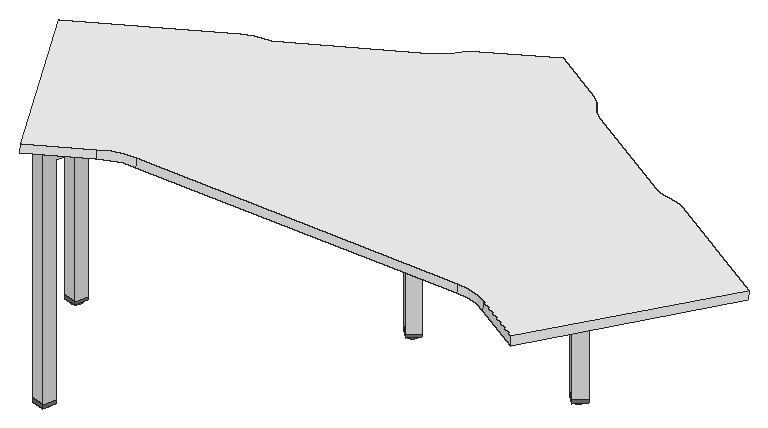
Revit family "Script Straight Leg 120 degree workstation 600 Deep Add on desk pack", category Furniture, Revit 2016
Family settings
  OmniClass Number = 23.40.20.00
  OmniClass Title = General Furniture and Specialties
  Work Plane-Based = No
  Always vertical = Yes
  Cut with Voids When Loaded = No
  Shared = No
  Room Calculation Point = No
Parameters
  URL = "www.gof.co.uk"
  Type Comments = ""
  Product Code = "XDYS126A"
  Desktop = Gresham - White MFC
  Model = ""
  Manufacturer = "Gresham Office Furniture"  # constant formula
  Frame = Gresham - Silver Metal
  Foot = Gresham - Black Plastic
  Assembly Code = "E2020200"
Reference planes
  plane 1 "Center (Front/Back)": y = 28.205
  plane 2: z = 0
  plane 3 "Center (Left/Right)": x = 0
  plane 4 "Desktop Underside": z = 702
  plane 5 "Foot": z = 15
  plane 6: y = 588.013
  plane 7: y = -531.603
  plane 8: x = -1039.23
  plane 9: x = 1039.23
Forms (mm)
  Extrusion 1, solid, material "Gresham - Silver Metal" <- "Frame"
    sketch origin (-300, 385.94, 702) x (0.707107, -0.707107, 0) y (0, 0, 1)
      loop
        line (444.264, -40) -> (444.264, 0) -> (50, 0) -> (50, -687) -> (90, -687) -> (90, -40) -> (444.264, -40)
    from -20 to 20
  Extrusion 2, solid, material "Gresham - Black Plastic" <- "Foot"
    sketch origin (0, -514.06, 15) x (0, -1, 0) y (1, 0, 0)
      loop
        line (-850.503, -278.787) -> (-822.218, -250.503) -> (-850.503, -222.218) -> (-878.787, -250.503) -> (-850.503, -278.787)
      loop
        line (-850.503, 278.787) -> (-878.787, 250.503) -> (-850.503, 222.218) -> (-822.218, 250.503) -> (-850.503, 278.787)
    from 0 to -10
  Extrusion 3, solid, material "Gresham - Black Plastic"
    sketch origin (0, -514.06, 0) x (0, 1, 0) y (-1, 0, 0)
      loop
        circle (850.503, 250.503) r 15
      loop
        circle (850.503, -250.503) r 15
    from 0 to 5
  Extrusion 4, solid, material "Gresham - Silver Metal" <- "Frame"
    sketch origin (300, 385.94, 702) x (-0.707107, -0.707107, 0) y (0, 0, 1)
      loop
        line (444.264, -40) -> (444.264, 0) -> (50, 0) -> (50, -687) -> (90, -687) -> (90, -40) -> (444.264, -40)
    from -20 to 20
  Extrusion 5, solid, material "Gresham - White MFC" <- "Desktop"
    sketch origin (-75914.205, -35054.404, 702) x (-1, 0, 0) y (0, -1, 0)
      loop
        line (-76087.41, -35542.417) -> (-75914.205, -35642.417) -> (-75741, -35542.417)
        arc (-75741, -35542.417) -> (-75718.866, -35525.981) -> (-75701.067, -35504.928) r 120
        arc (-75701.067, -35504.928) -> (-75683.269, -35483.875) -> (-75661.135, -35467.44) r 120
        line (-75661.135, -35467.44) -> (-75352.23, -35289.093)
        arc (-75352.23, -35289.093) -> (-75326.93, -35278.143) -> (-75299.798, -35273.255) r 120
        arc (-75299.798, -35273.255) -> (-75272.666, -35268.368) -> (-75247.365, -35257.417) r 120
        line (-75247.365, -35257.417) -> (-74874.974, -35042.417) -> (-75174.974, -34522.802) -> (-75330.859, -34612.802)
        arc (-75330.859, -34612.802) -> (-75379.095, -34632.782) -> (-75430.859, -34639.597) r 200
        line (-75430.859, -34639.597) -> (-76397.551, -34639.597)
        arc (-76397.551, -34639.597) -> (-76449.315, -34632.782) -> (-76497.551, -34612.802) r 200
        line (-76497.551, -34612.802) -> (-76653.435, -34522.802) -> (-76953.435, -35042.417) -> (-76581.045, -35257.417)
        arc (-76581.045, -35257.417) -> (-76555.744, -35268.368) -> (-76528.612, -35273.255) r 120
        arc (-76528.612, -35273.255) -> (-76501.48, -35278.143) -> (-76476.18, -35289.093) r 120
        line (-76476.18, -35289.093) -> (-76167.275, -35467.44)
        arc (-76167.275, -35467.44) -> (-76145.141, -35483.875) -> (-76127.342, -35504.928) r 120
        arc (-76127.342, -35504.928) -> (-76109.544, -35525.981) -> (-76087.41, -35542.417) r 120
    from 0 to 25
  Extrusion 6, solid, material "Gresham - Silver Metal" <- "Frame"
    sketch origin (-1039.23, -11.987, 702) x (0.965926, -0.258819, 0) y (0, 0, 1)
      loop
        line (444.264, -40) -> (444.264, 0) -> (50, 0) -> (50, -687) -> (90, -687) -> (90, -40) -> (444.264, -40)
    from -20 to 20
  Extrusion 7, solid, material "Gresham - Black Plastic" <- "Foot"
    sketch origin (-109.808, 178.205, 15) x (0.866025, 0.5, 0) y (-0.5, 0.866025, 0)
      loop
        line (-850.503, 278.787) -> (-878.787, 250.503) -> (-850.503, 222.218) -> (-822.218, 250.503) -> (-850.503, 278.787)
      loop
        line (-850.503, -278.787) -> (-822.218, -250.503) -> (-850.503, -222.218) -> (-878.787, -250.503) -> (-850.503, -278.787)
    from 0 to -10
  Extrusion 8, solid, material "Gresham - Black Plastic"
    sketch origin (-109.808, 178.205, 0) x (-0.866025, -0.5, 0) y (0.5, -0.866025, 0)
      loop
        circle (850.503, -250.503) r 15
      loop
        circle (850.503, 250.503) r 15
    from 0 to 5
  Extrusion 9, solid, material "Gresham - Silver Metal" <- "Frame"
    sketch origin (-739.23, -531.603, 702) x (0.258819, 0.965926, 0) y (0, 0, 1)
      loop
        line (444.264, -40) -> (444.264, 0) -> (50, 0) -> (50, -687) -> (90, -687) -> (90, -40) -> (444.264, -40)
    from -20 to 20
Cuts and joins
  joined: Extrusion 1, Extrusion 4
  joined: Extrusion 6, Extrusion 9
Lines and regions (mm)
  reference lines
    curve 1: line (300, 385.94, 702) -> (0, 85.94, 702)
    curve 2: line (-300, 385.94, 702) -> (0, 85.94, 702)
    curve 3: line (-739.23, -531.603, 702) -> (-629.423, -121.795, 702)
    curve 4: line (-1039.23, -11.987, 702) -> (-629.423, -121.795, 702)
Dimensions and locks
  locked: plane 4 "Desktop Underside" to plane 2 at 702
  locked: plane 2 to plane 5 "Foot" at 15
  equal spacing: plane 7, plane 1 "Center (Front/Back)", plane 6
  plane 7 to plane 6 = 1119.615 mm
  Extrusion 5 to Extrusion 5 = 2078.461 mm
  locked: curve 1 to cut or joined group of Extrusion 1, Extrusion 4 at 50
  locked: curve 2 to cut or joined group of Extrusion 1, Extrusion 4 at 50
  locked: curve 3 to Extrusion 9 at 50
  aligned and locked: level to plane 2
Automatic sketch dimensions
  curve 2 to Extrusion 1 sketch curve = 0 mm
  curve 2 to Extrusion 1 sketch curve = 50 mm
  Extrusion 1 sketch curve to Extrusion 1 sketch curve = 40 mm
  curve 2 to Extrusion 1 sketch curve = 20 mm
  curve 2 to Extrusion 1 sketch curve = 40 mm
  Extrusion 1 sketch curve to curve 2 = 687 mm
  plane 6 to Extrusion 2 sketch curve = 223.286 mm  (x2)
  Extrusion 2 sketch curve to Extrusion 2 sketch curve = 28.284 mm  (x6)
  Extrusion 2 sketch curve to plane 3 "Center (Left/Right)" = 278.787 mm
  plane 3 "Center (Left/Right)" to Extrusion 2 sketch curve = 222.218 mm
  plane 6 to Extrusion 3 sketch curve = 251.57 mm  (x2)
  plane 3 "Center (Left/Right)" to Extrusion 3 sketch curve = 250.503 mm
  Extrusion 3 sketch curve to plane 3 "Center (Left/Right)" = 250.503 mm
  Extrusion 4 sketch curve to curve 1 = 0 mm
  curve 1 to Extrusion 4 sketch curve = 50 mm
  Extrusion 4 sketch curve to Extrusion 4 sketch curve = 40 mm
  curve 1 to Extrusion 4 sketch curve = 20 mm
  curve 1 to Extrusion 4 sketch curve = 40 mm
  Extrusion 4 sketch curve to curve 1 = 687 mm
  curve 1 to plane 3 "Center (Left/Right)" = 0 mm
  curve 3 to plane 7 = 0 mm
  plane 1 "Center (Front/Back)" to curve 3 = 150 mm
  curve 3 to plane 3 "Center (Left/Right)" = 629.423 mm
  curve 1 to plane 1 "Center (Front/Back)" = 57.735 mm
  plane 3 "Center (Left/Right)" to curve 1 = 300 mm
  curve 2 to plane 3 "Center (Left/Right)" = 300 mm
  curve 4 to curve 3 = 109.808 mm
  plane 1 "Center (Front/Back)" to curve 4 = 40.192 mm
  plane 6 to curve 1 = 202.073 mm
  Extrusion 5 sketch curve to plane 7 = 0 mm  (x2)
  Extrusion 5 sketch curve to plane 3 "Center (Left/Right)" = 0 mm
  plane 6 to Extrusion 5 sketch curve = 0 mm
  plane 3 "Center (Left/Right)" to Extrusion 5 sketch curve = 113.205 mm
  Extrusion 5 sketch curve to Extrusion 5 sketch curve = 60 mm  (x6)
  Extrusion 5 sketch curve to Extrusion 5 sketch curve = 79.865 mm  (x2)
  plane 6 to Extrusion 5 sketch curve = 71.054 mm  (x2)
  Extrusion 5 sketch curve to plane 7 = 83.205 mm  (x2)
  plane 3 "Center (Left/Right)" to Extrusion 5 sketch curve = 483.346 mm
  Extrusion 5 sketch curve to plane 1 "Center (Front/Back)" = 206.484 mm  (x2)
  Extrusion 5 sketch curve to Extrusion 5 sketch curve = 308.905 mm  (x2)
  plane 7 to Extrusion 5 sketch curve = 90 mm  (x2)
  Extrusion 5 sketch curve to Extrusion 5 sketch curve = 100 mm
  Extrusion 5 sketch curve to plane 1 "Center (Front/Back)" = 70.885 mm  (x2)
  Extrusion 5 sketch curve to Extrusion 5 sketch curve = 44.865 mm  (x2)
  Extrusion 5 sketch curve to plane 1 "Center (Front/Back)" = 174.808 mm  (x2)
  Extrusion 5 sketch curve to Extrusion 5 sketch curve = 104.865 mm  (x2)
  Extrusion 5 sketch curve to Extrusion 5 sketch curve = 155.885 mm  (x2)
  Extrusion 5 sketch curve to plane 3 "Center (Left/Right)" = 113.205 mm
  Extrusion 5 sketch curve to plane 3 "Center (Left/Right)" = 483.346 mm
  plane 6 to Extrusion 5 sketch curve = 100 mm  (x2)
  Extrusion 5 sketch curve to Extrusion 5 sketch curve = 74.977 mm  (x2)
  Extrusion 5 sketch curve to Extrusion 5 sketch curve = 103.923 mm  (x4)
  curve 4 to Extrusion 6 sketch curve = 0 mm
  curve 4 to Extrusion 6 sketch curve = 50 mm
  Extrusion 6 sketch curve to Extrusion 6 sketch curve = 40 mm
  curve 4 to Extrusion 6 sketch curve = 20 mm
  curve 4 to Extrusion 6 sketch curve = 40 mm
  Extrusion 6 sketch curve to curve 4 = 687 mm
  plane 1 "Center (Front/Back)" to Extrusion 7 sketch curve = 72.452 mm
  Extrusion 7 sketch curve to plane 3 "Center (Left/Right)" = 996.111 mm
  Extrusion 7 sketch curve to Extrusion 7 sketch curve = 0 mm
  Extrusion 7 sketch curve to Extrusion 7 sketch curve = 28.284 mm  (x6)
  Extrusion 7 sketch curve to Extrusion 7 sketch curve = 444.437 mm
  plane 7 to Extrusion 8 sketch curve = 67.615 mm
  Extrusion 8 sketch curve to plane 3 "Center (Left/Right)" = 721.113 mm
  Extrusion 8 sketch curve to Extrusion 8 sketch curve = 0 mm
  Extrusion 8 sketch curve to Extrusion 8 sketch curve = 501.005 mm
  curve 3 to Extrusion 9 sketch curve = 0 mm
  curve 3 to Extrusion 9 sketch curve = 50 mm
  Extrusion 9 sketch curve to Extrusion 9 sketch curve = 40 mm
  curve 3 to Extrusion 9 sketch curve = 20 mm
  curve 3 to Extrusion 9 sketch curve = 40 mm
  Extrusion 9 sketch curve to curve 3 = 687 mm
  radius of Extrusion 3 sketch curve = 15 mm  (x2)
  radius of Extrusion 8 sketch curve = 15 mm  (x2)
